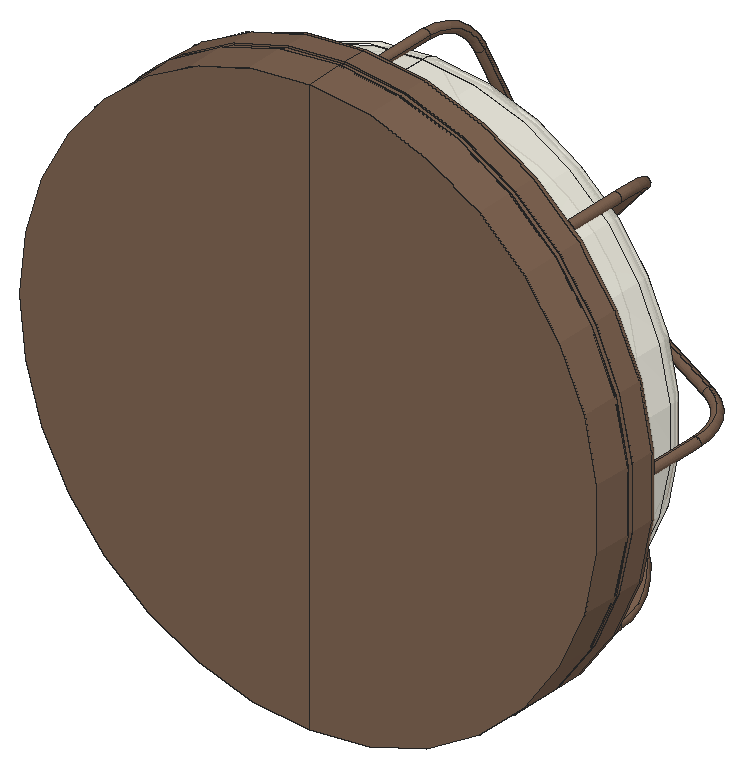
Revit family "BLH4", category Lighting Fixtures, host Wall, Revit 2024
Family settings
  Host = Wall
  Round Connector Dimension = Use Diameter
  Part Type = Normal
  OmniClass Number = 23.80.70.00
  OmniClass Title = Lighting
  Always vertical = Yes
  Cut with Voids When Loaded = No
  Light Source = No
  Maintain Annotation Orientation = No
  Shared = No
  Room Calculation Point = No
Parameters
  Default Elevation = 0' - 0"
Reference planes (in)
  plane 1: y = 0
  plane 2 "Light Source Axis (F/B)": y = 8
  plane 3 "Light Source Axis (L/R)": x = -1.43133
  plane 4 "Light Source Elevation": z = 77.42225
Forms (in)
  Revolve 1, solid, material "53"
    sketch origin (-1.43133, 0, 0) x (0, -1, 0) y (0, 0, 1)
      loop
        line (-3, 77.44062) -> (-3, 84.92225) -> (-4.9566, 84.92225) -> (-4.9566, 77.62225)
        arc (-4.9566, 77.62225) -> (-4.89802, 77.48083) -> (-4.7566, 77.42225) r 0.2
        line (-4.7566, 77.42225) -> (-4.1316, 77.42225) -> (-4.1316, 77.45527) -> (-4.02286, 77.45527)
        arc (-4.02286, 77.45527) -> (-3.99644, 77.446) -> (-3.9816, 77.42225) r 0.04229
        line (-3.9816, 77.42225) -> (-3, 77.44062)
      loop
        line (-10.4566, 84.75387) -> (-10.4566, 83.77225)
        arc (-10.4566, 83.77225) -> (-10.42731, 83.70154) -> (-10.3566, 83.67225) r 0.1
        line (-10.3566, 83.67225) -> (-9.9066, 83.67225)
        arc (-9.9066, 83.67225) -> (-9.87125, 83.68689) -> (-9.8566, 83.72225) r 0.05
        line (-9.8566, 83.72225) -> (-9.8566, 84.92225) -> (-10.76555, 84.92225) -> (-10.76555, 84.67225) -> (-10.58533, 84.67225) -> (-10.58533, 84.75387) -> (-10.4566, 84.75387)
      axis (-10.76555, 84.92225) -> (-3, 84.92225)
    angle from 0 to 360
  Sweep 2, solid, material "53"
    path origin (-1.43133, 0, 0) x (0, -1, 0) y (0, 0, 1)
      loop
        line (-4.9566, 92.04725) -> (-6.73982, 92.04725)
        arc (-6.73982, 92.04725) -> (-7.8443, 91.73767) -> (-8.62697, 90.89913) r 2.125
        line (-8.62697, 90.89913) -> (-10.15568, 87.94594)
        arc (-10.15568, 87.94594) -> (-10.24967, 87.69491) -> (-10.2816, 87.42877) r 1.125
        line (-10.2816, 87.42877) -> (-10.2816, 86.04159)
    profile origin (-1.43133, 5.84821, 92.04725) x (0, 0, -1) y (-1, 0, 0)
      loop
        circle (0.125, 0) r 0.125
  Sweep 3, solid, material "53"
    path origin (16.45309, 0, -17.29154) x (0, -1, 0) y (-0.707107, 0, 0.707107)
      loop
        line (-4.9566, 92.04725) -> (-6.73982, 92.04725)
        arc (-6.73982, 92.04725) -> (-7.8443, 91.73767) -> (-8.62697, 90.89913) r 2.125
        line (-8.62697, 90.89913) -> (-10.15568, 87.94594)
        arc (-10.15568, 87.94594) -> (-10.24967, 87.69491) -> (-10.2816, 87.42877) r 1.125
        line (-10.2816, 87.42877) -> (-10.2816, 86.04159)
    profile origin (-48.63415, 5.84821, 47.7957) x (0.707107, 0, -0.707107) y (-0.707107, 0, -0.707107)
      loop
        circle (0.125, -59.62987) r 0.125
  Sweep 4, solid, material "53"
    path origin (-18.72286, 0, -17.88441) x (0, -1, 0) y (0.707107, 0, 0.707107)
      loop
        line (-4.9566, 92.04725) -> (-6.73982, 92.04725)
        arc (-6.73982, 92.04725) -> (-7.8443, 91.73767) -> (-8.62697, 90.89913) r 2.125
        line (-8.62697, 90.89913) -> (-10.15568, 87.94594)
        arc (-10.15568, 87.94594) -> (-10.24967, 87.69491) -> (-10.2816, 87.42877) r 1.125
        line (-10.2816, 87.42877) -> (-10.2816, 86.04159)
    profile origin (46.36437, 5.84821, 47.20282) x (-0.707107, 0, -0.707107) y (-0.707107, 0, 0.707107)
      loop
        circle (0.125, 60.46832) r 0.125
  Sweep 5, solid, material "53"
    path origin (-86.35357, 0, -1.43133) x (0, -1, 0) y (1, 0, 0)
      loop
        line (-4.9566, 92.04725) -> (-6.73982, 92.04725)
        arc (-6.73982, 92.04725) -> (-7.8443, 91.73767) -> (-8.62697, 90.89913) r 2.125
        line (-8.62697, 90.89913) -> (-10.15568, 87.94594)
        arc (-10.15568, 87.94594) -> (-10.24967, 87.69491) -> (-10.2816, 87.42877) r 1.125
        line (-10.2816, 87.42877) -> (-10.2816, 86.04159)
    profile origin (5.69367, 5.84821, -1.43133) x (-1, 0, 0) y (0, 0, 1)
      loop
        circle (0.125, 86.35357) r 0.125
  Sweep 6, solid, material "53"
    path origin (-105.66931, 0, 100.78246) x (0, -1, 0) y (0.707107, 0, -0.707107)
      loop
        line (-4.9566, 92.04725) -> (-6.73982, 92.04725)
        arc (-6.73982, 92.04725) -> (-7.8443, 91.73767) -> (-8.62697, 90.89913) r 2.125
        line (-8.62697, 90.89913) -> (-10.15568, 87.94594)
        arc (-10.15568, 87.94594) -> (-10.24967, 87.69491) -> (-10.2816, 87.42877) r 1.125
        line (-10.2816, 87.42877) -> (-10.2816, 86.04159)
    profile origin (-40.58208, 5.84821, 35.69523) x (-0.707107, 0, 0.707107) y (0.707107, 0, 0.707107)
      loop
        circle (0.125, 62.49252) r 0.125
  Sweep 7, solid, material "53"
    path origin (-4.29398, 0, 169.8445) x (0, -1, 0) y (0, 0, -1)
      loop
        line (-4.9566, 92.04725) -> (-6.73982, 92.04725)
        arc (-6.73982, 92.04725) -> (-7.8443, 91.73767) -> (-8.62697, 90.89913) r 2.125
        line (-8.62697, 90.89913) -> (-10.15568, 87.94594)
        arc (-10.15568, 87.94594) -> (-10.24967, 87.69491) -> (-10.2816, 87.42877) r 1.125
        line (-10.2816, 87.42877) -> (-10.2816, 86.04159)
    profile origin (-4.29398, 5.84821, 77.79725) x (0, 0, 1) y (1, 0, 0)
      loop
        circle (0.125, 2.86265) r 0.125
  Sweep 8, solid, material "53"
    path origin (99.35114, 0, 104.23799) x (0, -1, 0) y (-0.707107, 0, -0.707107)
      loop
        line (-4.9566, 92.04725) -> (-6.73982, 92.04725)
        arc (-6.73982, 92.04725) -> (-7.8443, 91.73767) -> (-8.62697, 90.89913) r 2.125
        line (-8.62697, 90.89913) -> (-10.15568, 87.94594)
        arc (-10.15568, 87.94594) -> (-10.24967, 87.69491) -> (-10.2816, 87.42877) r 1.125
        line (-10.2816, 87.42877) -> (-10.2816, 86.04159)
    profile origin (34.2639, 5.84821, 39.15075) x (0.707107, 0, 0.707107) y (0.707107, 0, -0.707107)
      loop
        circle (0.125, -57.60567) r 0.125
  Sweep 9, solid, material "53"
    path origin (83.49092, 0, 1.43133) x (-1, 0, 0) y (0, -1, 0)
      loop
        line (92.04725, -4.9566) -> (92.04725, -6.73982)
        arc (92.04725, -6.73982) -> (91.73767, -7.8443) -> (90.89913, -8.62697) r 2.125
        line (90.89913, -8.62697) -> (87.94594, -10.15568)
        arc (87.94594, -10.15568) -> (87.69491, -10.24967) -> (87.42877, -10.2816) r 1.125
        line (87.42877, -10.2816) -> (86.04159, -10.2816)
    profile origin (-8.55633, 5.84821, 1.43133) x (-1, 0, 0) y (0, 0, 1)
      loop
        circle (-0.125, 83.49092) r 0.125
  Revolve 10, solid
    sketch origin (-1.43133, 0, 0) x (0, -1, 0) y (0, 0, 1)
      loop
        line (-4.9566, 91.36917) -> (-6.67973, 91.36917)
        arc (-6.67973, 91.36917) -> (-7.02279, 91.28611) -> (-7.28986, 91.05533) r 0.75
        arc (-7.28986, 91.05533) -> (-7.86476, 90.15864) -> (-8.34627, 89.20852) r 10.54609
        arc (-8.34627, 89.20852) -> (-9.02651, 87.11319) -> (-9.2566, 84.92225) r 10.54609
        line (-9.2566, 84.92225) -> (-9.16285, 84.92225)
        arc (-9.16285, 84.92225) -> (-8.93481, 87.09371) -> (-8.26062, 89.17042) r 10.45234
        arc (-8.26062, 89.17042) -> (-7.78338, 90.11209) -> (-7.2136, 91.00081) r 10.45234
        arc (-7.2136, 91.00081) -> (-6.97991, 91.20275) -> (-6.67973, 91.27542) r 0.65625
        line (-6.67973, 91.27542) -> (-4.9566, 91.27542) -> (-4.9566, 91.36917)
      axis (-4.9566, 84.92225) -> (-9.2566, 84.92225)
    angle from 0 to 360
Lines and regions (in)
  model lines
    curve 1: arc (-1.43133, 8, 84.75387) -> (-1.26295, 8, 84.92225) -> (-1.43133, 8, 85.09063) r 0.16838
    curve 2: line (-1.43133, 8, 85.09063) -> (-1.43133, 8, 84.75387)
Text (in)
  text "Placement Side" at (0, 40.15149, 123.01588), in view "Right"
  text "Placement Side" at (-70.3804, 56.61594, 0), in view "Ref. Level"
  text "Placement Side" at (0, 47.49176, 140.59947), in view "Left"
